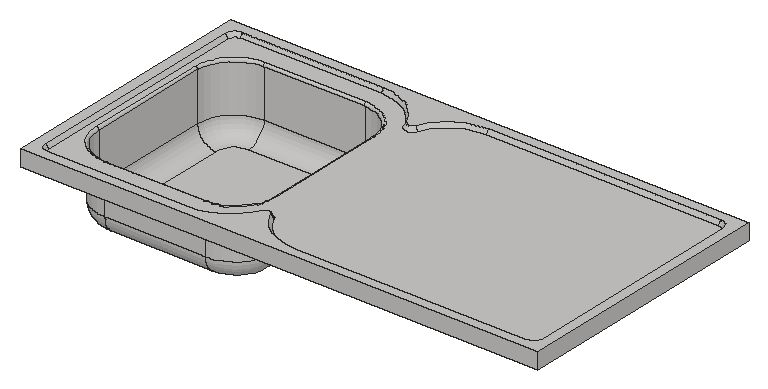
Revit family
Parameters (values of type "1050 X 535")
  Waste Connection Diameter = 40 mm
  Width Of Bowl = 400 mm
  Waste Connection Radius = Waste Connection Diameter / 2  # 20 mm
  Waste Connection = 1 = 1  # yes
  WFU = 0
  Vent Connection = 1 = 0  # no
  URL = "http://www.autospec.co.za/browse.php?id=1937217983"
  Product Code = "SSO-1050-SE"
  OmniClass Title = ""
  OmniClass Number = ""
  Modspec Classification = ""
  Specification = ""
  Material = Stainless Steel Grade 304
  Location (revit room) = ""
  Length Of Bowl = 355 mm
  HW Connection = 1 = 0  # no
  Description = ""
  Depth Of Bowl = 150 mm
  Colour = none
  CW Connection = 1 = 0  # no
  Body Finish = none
  Width = 535 mm
  Model = "Left Hand Sit-On Sink Single End Bowl SSO-1050-SE"
  Manufacturer = "Kwikot"  # constant formula
  Length = 1050 mm
  Assembly Code = "D2010410"
Reference planes
  plane 1 "Center (Front/Back)": y = 0
  plane 2 "Bottom": z = 0
  plane 3 "Center (Left/Right)": x = 0
  plane 4 "Right": x = 1050
  plane 5 "Back": y = 535
  plane 6 "Top": z = 150
  plane 7: z = 118
  plane 8: x = 45
  plane 9: x = 400
  plane 10: y = 267.5
  plane 11: y = 467.5
  plane 12: y = 67.5
  plane 13: x = 222.5
  plane 14: z = 142
Forms (mm)
  Sweep 1, solid, material "Stainless Steel Grade 304" <- "Material"
    path origin (-60.109, -1524, 150) x (-1, 0, 0) y (0, -1, 0)
      loop
        line (-60.109, -2059) -> (-60.109, -1524) -> (-1110.109, -1524) -> (-1110.109, -2059) -> (-60.109, -2059)
    profile origin (525, 535, 150) x (0, 1, 0) y (0, 0, 1)
      loop
        line (-15, 0) -> (-15, -10.5) -> (-2.5, -10.5) -> (-2.5, -29.5) -> (-10, -29.5) -> (-10, -32) -> (0, -32) -> (0, 0) -> (-15, 0)
  Extrusion 2, solid, material "Stainless Steel Grade 304" <- "Material"
    sketch origin (-60.109, -1524, 150) x (-1, 0, 0) y (0, -1, 0)
      loop
        line (-75.109, -1539) -> (-1095.109, -1539) -> (-1095.109, -2044) -> (-75.109, -2044) -> (-75.109, -1539)
    from 0 to -10.5
  Extrusion 3, void
    sketch origin (-60.109, -1524, 150) x (0, -1, 0) y (-1, 0, 0)
      loop
        line (-1991.5, -180.109) -> (-1991.5, -385.109)
        arc (-1991.5, -385.109) -> (-1969.533, -438.142) -> (-1916.5, -460.109) r 75
        line (-1916.5, -460.109) -> (-1666.5, -460.109)
        arc (-1666.5, -460.109) -> (-1613.467, -438.142) -> (-1591.5, -385.109) r 75
        line (-1591.5, -385.109) -> (-1591.5, -180.109)
        arc (-1591.5, -180.109) -> (-1613.467, -127.076) -> (-1666.5, -105.109) r 75
        line (-1666.5, -105.109) -> (-1916.5, -105.109)
        arc (-1916.5, -105.109) -> (-1969.533, -127.076) -> (-1991.5, -180.109) r 75
    from 0 to 10.5
  Sweep 4, solid, material "Stainless Steel Grade 304" <- "Material"
    path origin (-60.109, -1524, 150) x (-1, 0, 0) y (0, -1, 0)
      loop
        arc (-180.109, -1991.5) -> (-127.076, -1969.533) -> (-105.109, -1916.5) r 75
        line (-105.109, -1916.5) -> (-105.109, -1666.5)
        arc (-105.109, -1666.5) -> (-127.076, -1613.467) -> (-180.109, -1591.5) r 75
        line (-180.109, -1591.5) -> (-385.109, -1591.5)
        arc (-385.109, -1591.5) -> (-438.142, -1613.467) -> (-460.109, -1666.5) r 75
        line (-460.109, -1666.5) -> (-460.109, -1916.5)
        arc (-460.109, -1916.5) -> (-438.142, -1969.533) -> (-385.109, -1991.5) r 75
        line (-385.109, -1991.5) -> (-180.109, -1991.5)
    profile origin (222.5, 467.5, 150) x (0, 1, 0) y (0, 0, 1)
      loop
        line (0, -10.5) -> (0, -110)
        arc (0, -110) -> (-10.983, -136.517) -> (-37.5, -147.5) r 37.5
        line (-37.5, -147.5) -> (-37.5, -150)
        arc (-37.5, -150) -> (-9.216, -138.284) -> (2.5, -110) r 40
        line (2.5, -110) -> (2.5, -10.5) -> (0, -10.5)
  Extrusion 5, solid, material "Stainless Steel Grade 304" <- "Material"
    sketch origin (0, 0, 0) x (1, 0, 0) y (0, 1, 0)
      loop
        arc (82.5, 142.5) -> (93.483, 115.983) -> (120, 105) r 37.5
        line (120, 105) -> (325, 105)
        arc (325, 105) -> (351.517, 115.983) -> (362.5, 142.5) r 37.5
        line (362.5, 142.5) -> (362.5, 392.5)
        arc (362.5, 392.5) -> (351.517, 419.017) -> (325, 430) r 37.5
        line (325, 430) -> (120, 430)
        arc (120, 430) -> (93.483, 419.017) -> (82.5, 392.5) r 37.5
        line (82.5, 392.5) -> (82.5, 142.5)
      loop
        circle (325, 267.5) r 20
    from 0 to 2.5
  Blend 6, void
    base sketch origin (0, 0, 150) x (-1, 0, 0) y (0, -1, 0)
      loop
        line (-20, -495) -> (-20, -40)
        arc (-20, -40) -> (-25.858, -25.858) -> (-40, -20) r 20
        line (-40, -20) -> (-325, -20)
        arc (-325, -20) -> (-383.699, -37.44) -> (-423.351, -84.103) r 107.5
        arc (-423.351, -84.103) -> (-432.5, -90.066) -> (-441.649, -84.103) r 10
        arc (-441.649, -84.103) -> (-481.301, -37.44) -> (-540, -20) r 107.5
        line (-540, -20) -> (-1010, -20)
        arc (-1010, -20) -> (-1024.142, -25.858) -> (-1030, -40) r 20
        line (-1030, -40) -> (-1030, -495)
        arc (-1030, -495) -> (-1024.142, -509.142) -> (-1010, -515) r 20
        line (-1010, -515) -> (-540, -515)
        arc (-540, -515) -> (-481.301, -497.56) -> (-441.649, -450.897) r 107.5
        arc (-441.649, -450.897) -> (-432.5, -444.934) -> (-423.351, -450.897) r 10
        arc (-423.351, -450.897) -> (-383.699, -497.56) -> (-325, -515) r 107.5
        line (-325, -515) -> (-40, -515)
        arc (-40, -515) -> (-25.858, -509.142) -> (-20, -495) r 20
    top sketch origin (0, 0, 150) x (-1, 0, 0) y (0, -1, 0)
      loop
        line (-25, -495) -> (-25, -40)
        arc (-25, -40) -> (-29.393, -29.393) -> (-40, -25) r 15
        line (-40, -25) -> (-325, -25)
        arc (-325, -25) -> (-380.968, -41.629) -> (-418.777, -86.121) r 102.5
        arc (-418.777, -86.121) -> (-432.5, -95.066) -> (-446.223, -86.121) r 15
        arc (-446.223, -86.121) -> (-484.032, -41.629) -> (-540, -25) r 102.5
        line (-540, -25) -> (-1010, -25)
        arc (-1010, -25) -> (-1020.607, -29.393) -> (-1025, -40) r 15
        line (-1025, -40) -> (-1025, -495)
        arc (-1025, -495) -> (-1020.607, -505.607) -> (-1010, -510) r 15
        line (-1010, -510) -> (-540, -510)
        arc (-540, -510) -> (-484.032, -493.371) -> (-446.223, -448.879) r 102.5
        arc (-446.223, -448.879) -> (-432.5, -439.934) -> (-418.777, -448.879) r 15
        arc (-418.777, -448.879) -> (-380.968, -493.371) -> (-325, -510) r 102.5
        line (-325, -510) -> (-40, -510)
        arc (-40, -510) -> (-29.393, -505.607) -> (-25, -495) r 15
    from 0 to -8
  Extrusion 7, solid, material "Stainless Steel Grade 304" <- "Material"
    sketch origin (0, 0, 0) x (1, 0, 0) y (0, 1, 0)
      loop
        circle (325, 267.5) r 20
    from 0 to -5
  Sweep 8, void
    path origin (-60.109, -1524, 150) x (-1, 0, 0) y (0, -1, 0)
      loop
        line (-385.109, -1991.5) -> (-180.109, -1991.5)
        arc (-180.109, -1991.5) -> (-127.076, -1969.533) -> (-105.109, -1916.5) r 75
        line (-105.109, -1916.5) -> (-105.109, -1666.5)
        arc (-105.109, -1666.5) -> (-127.076, -1613.467) -> (-180.109, -1591.5) r 75
        line (-180.109, -1591.5) -> (-385.109, -1591.5)
        arc (-385.109, -1591.5) -> (-438.142, -1613.467) -> (-460.109, -1666.5) r 75
        line (-460.109, -1666.5) -> (-460.109, -1916.5)
        arc (-460.109, -1916.5) -> (-438.142, -1969.533) -> (-385.109, -1991.5) r 75
    profile origin (222.5, 467.5, 150) x (0, -1, 0) y (0, 0, 1)
      loop
        line (0, -8) -> (-5, -8)
        arc (-5, -8) -> (-1.464, -9.464) -> (0, -13) r 5
        line (0, -13) -> (0, -8)
Cuts and joins
  Extrusion 3, Blend 6, Sweep 8 cuts Sweep 1
  Extrusion 3, Blend 6, Sweep 8 cuts Extrusion 2
  Blend 6, Sweep 8 cuts Sweep 4
  Blend 6, Sweep 8 cuts Extrusion 5
  Sweep 8 cuts Extrusion 7
  joined: Sweep 1, Extrusion 2, Sweep 4, Extrusion 5, Extrusion 7
Lines and regions (mm)
  symbolic lines
    curve 1: line (0, 535, 150) -> (0, 0, 150)
    curve 2: line (0, 0, 150) -> (1050, 0, 150)
    curve 3: line (1050, 0, 150) -> (1050, 535, 150)
    curve 4: line (1050, 535, 150) -> (0, 535, 150)
    curve 5: line (20, 40, 150) -> (20, 495, 150)
    curve 6: line (25, 495, 150) -> (25, 40, 150)
    curve 7: arc (20, 495, 150) -> (25.858, 509.142, 150) -> (40, 515, 150) r 20
    curve 8: arc (40, 510, 150) -> (29.393, 505.607, 150) -> (25, 495, 150) r 15
    curve 9: line (40, 515, 150) -> (325, 515, 150)
    curve 10: line (325, 510, 150) -> (40, 510, 150)
    curve 11: arc (325, 515, 150) -> (383.699, 497.56, 150) -> (423.351, 450.897, 150) r 107.5
    curve 12: arc (418.777, 448.879, 150) -> (380.968, 493.371, 150) -> (325, 510, 150) r 102.5
    curve 13: arc (423.351, 450.897, 150) -> (432.5, 444.934, 150) -> (441.649, 450.897, 150) r 10
    curve 14: arc (446.223, 448.879, 150) -> (432.5, 439.934, 150) -> (418.777, 448.879, 150) r 15
    curve 15: arc (441.649, 450.897, 150) -> (481.301, 497.56, 150) -> (540, 515, 150) r 107.5
    curve 16: arc (540, 510, 150) -> (484.032, 493.371, 150) -> (446.223, 448.879, 150) r 102.5
    curve 17: line (540, 515, 150) -> (1010, 515, 150)
    curve 18: line (1010, 510, 150) -> (540, 510, 150)
    curve 19: arc (1010, 515, 150) -> (1024.142, 509.142, 150) -> (1030, 495, 150) r 20
    curve 20: arc (1025, 495, 150) -> (1020.607, 505.607, 150) -> (1010, 510, 150) r 15
    curve 21: line (1025, 40, 150) -> (1025, 495, 150)
    curve 22: line (1030, 495, 150) -> (1030, 40, 150)
    curve 23: arc (1030, 40, 150) -> (1024.142, 25.858, 150) -> (1010, 20, 150) r 20
    curve 24: arc (1010, 25, 150) -> (1020.607, 29.393, 150) -> (1025, 40, 150) r 15
    curve 25: line (1010, 20, 150) -> (540, 20, 150)
    curve 26: line (540, 25, 150) -> (1010, 25, 150)
    curve 27: arc (540, 20, 150) -> (481.301, 37.44, 150) -> (441.649, 84.103, 150) r 107.5
    curve 28: arc (446.223, 86.121, 150) -> (484.032, 41.629, 150) -> (540, 25, 150) r 102.5
    curve 29: arc (418.777, 86.121, 150) -> (432.5, 95.066, 150) -> (446.223, 86.121, 150) r 15
    curve 30: arc (441.649, 84.103, 150) -> (432.5, 90.066, 150) -> (423.351, 84.103, 150) r 10
    curve 31: arc (423.351, 84.103, 150) -> (383.699, 37.44, 150) -> (325, 20, 150) r 107.5
    curve 32: arc (325, 25, 150) -> (380.968, 41.629, 150) -> (418.777, 86.121, 150) r 102.5
    curve 33: line (325, 20, 150) -> (40, 20, 150)
    curve 34: line (40, 25, 150) -> (325, 25, 150)
    curve 35: arc (40, 20, 150) -> (25.858, 25.858, 150) -> (20, 40, 150) r 20
    curve 36: arc (25, 40, 150) -> (29.393, 29.393, 150) -> (40, 25, 150) r 15
    curve 37: line (45, 392.5, 150) -> (45, 142.5, 150)
    curve 38: arc (120, 467.5, 150) -> (66.967, 445.533, 150) -> (45, 392.5, 150) r 75
    curve 39: line (325, 467.5, 150) -> (120, 467.5, 150)
    curve 40: arc (400, 392.5, 150) -> (378.033, 445.533, 150) -> (325, 467.5, 150) r 75
    curve 41: line (400, 142.5, 150) -> (400, 392.5, 150)
    curve 42: arc (325, 67.5, 150) -> (378.033, 89.467, 150) -> (400, 142.5, 150) r 75
    curve 43: line (120, 67.5, 150) -> (325, 67.5, 150)
    curve 44: arc (45, 142.5, 150) -> (66.967, 89.467, 150) -> (120, 67.5, 150) r 75
    curve 52: arc (345, 267.5, 150) -> (325, 247.5, 150) -> (305, 267.5, 150) r 20
    curve 53: arc (305, 267.5, 150) -> (325, 287.5, 150) -> (345, 267.5, 150) r 20
  model lines
    curve 45: line (1005.771, 475, 142) -> (1005.771, 60, 142)
    curve 46: arc (540, 475, 142) -> (481.664, 450.836, 142) -> (457.5, 392.5, 142) r 82.5
    curve 47: arc (457.5, 142.5, 142) -> (481.664, 84.164, 142) -> (540, 60, 142) r 82.5
    curve 48: line (457.5, 392.5, 142) -> (457.5, 142.5, 142)
    curve 49: line (540, 475, 142) -> (1005.771, 475, 142)
    curve 50: line (540, 60, 142) -> (1005.771, 60, 142)
    curve 51: line (1005.771, 455, 142) -> (486.148, 455, 142)
    curve 54: line (1005.771, 430, 142) -> (466.515, 430, 142)
    curve 55: line (1005.771, 405, 142) -> (458.452, 405, 142)
    curve 56: line (1005.771, 380, 142) -> (457.5, 380, 142)
    curve 57: line (1005.771, 355, 142) -> (457.5, 355, 142)
    curve 58: line (1005.771, 330, 142) -> (457.5, 330, 142)
    curve 59: line (1005.771, 305, 142) -> (457.5, 305, 142)
    curve 60: line (1005.771, 280, 142) -> (457.5, 280, 142)
    curve 61: line (1005.771, 255, 142) -> (457.5, 255, 142)
    curve 62: line (1005.771, 230, 142) -> (457.5, 230, 142)
    curve 63: line (1005.771, 205, 142) -> (457.5, 205, 142)
    curve 64: line (1005.771, 180, 142) -> (457.5, 180, 142)
    curve 65: line (1005.771, 155, 142) -> (457.5, 155, 142)
    curve 66: line (1005.771, 130, 142) -> (457.5, 130, 142)
    curve 67: line (1005.771, 105, 142) -> (466.515, 105, 142)
    curve 68: line (1005.771, 80, 142) -> (486.148, 80, 142)
Dimensions and locks
  "Length": plane 3 "Center (Left/Right)" to plane 4 "Right"
  "Width": plane 5 "Back" to plane 1 "Center (Front/Back)"
  "Depth Of Bowl": plane 6 "Top" to plane 2 "Bottom"
  equal spacing: plane 1 "Center (Front/Back)", plane 10, plane 5 "Back"
  "Length Of Bowl": plane 8 to plane 9
  "Width Of Bowl": plane 11 to plane 12
  equal spacing: plane 11, plane 10, plane 12
  equal spacing: plane 8, plane 13, plane 9
  plane 6 "Top" to plane 7 = 32 mm
  Sweep 1 sketch curve to plane 5 "Back" = 10 mm
  Sweep 1 sketch curve to plane 5 "Back" = 15 mm
  plane 6 "Top" to Sweep 1 sketch curve = 10.5 mm
  Sweep 1 sketch curve to plane 5 "Back" = 2.5 mm
  plane 7 to Sweep 1 sketch curve = 2.5 mm
  Extrusion 5 sketch curve to plane 9 = 75 mm
  plane 3 "Center (Left/Right)" to Blend 6 sketch curve = 20 mm
  Blend 6 sketch curve to plane 4 "Right" = 20 mm
  plane 5 "Back" to Blend 6 sketch curve = 20 mm
  plane 1 "Center (Front/Back)" to Blend 6 sketch curve = 20 mm
  var sketch to Blend 6 sketch curve = 5 mm  (x3)
  Blend 6 sketch curve to var sketch = 5 mm
  plane 6 "Top" to plane 14 = 8 mm
  plane 3 "Center (Left/Right)" to plane 8 = 45 mm
  radius of Extrusion 3 sketch curve = 75 mm  (x4)
  radius of Sweep 4 sketch curve = 37.5 mm
  radius of Sweep 4 sketch curve = 40 mm
  "Waste Connection Radius": radius of Extrusion 5 sketch curve
  radius of Blend 6 sketch curve = 20 mm  (x4)
  radius of Blend 6 sketch curve = 15 mm  (x6)
  radius of Blend 6 sketch curve = 107.5 mm  (x4)
  radius of Blend 6 sketch curve = 10 mm  (x2)
  radius of Blend 6 sketch curve = 102.5 mm  (x4)
  aligned and locked: level to plane 2 "Bottom"
  aligned and locked: Sweep 1 sketch curve to plane 5 "Back"
  aligned and locked: plane 3 "Center (Left/Right)" to Sweep 1 sketch curve
  aligned and locked: Sweep 1 sketch curve to plane 1 "Center (Front/Back)"
  aligned and locked: plane 4 "Right" to Sweep 1 sketch curve
  aligned and locked: Sweep 1 sketch curve to profile plane
  aligned and locked: plane 7 to Sweep 1 sketch curve
  aligned and locked: profile plane to Sweep 1 sketch curve
  aligned and locked: Extrusion 2 sketch curve to Sweep 1  (x4)
  aligned and locked: Sweep 1 to Extrusion 2
  aligned and locked: plane 6 "Top" to Extrusion 2
  aligned and locked: plane 11 to Extrusion 3 sketch curve
  aligned and locked: Extrusion 3 sketch curve to plane 8
  aligned and locked: Extrusion 3 sketch curve to plane 12
  aligned and locked: plane 9 to Extrusion 3 sketch curve
  aligned and locked: Sweep 1 to Extrusion 3
  aligned and locked: plane 6 "Top" to Extrusion 3
  aligned and locked: Sweep 4 sketch curve to cut or joined group of Sweep 1, Extrusion 2, Extrusion 3, Sweep 4, Extrusion 5, Blend 6, Extrusion 7, Sweep 8  (x5)
  aligned and locked: cut or joined group of Sweep 1, Extrusion 2, Extrusion 3, Sweep 4, Extrusion 5, Blend 6, Extrusion 7, Sweep 8 to Sweep 4 sketch curve
  aligned and locked: plane 2 "Bottom" to Sweep 4 sketch curve
  aligned and locked: Extrusion 5 sketch curve to cut or joined group of Sweep 1, Extrusion 2, Extrusion 3, Sweep 4, Extrusion 5, Blend 6, Extrusion 7, Sweep 8  (x4)
  aligned and locked: plane 10 to Extrusion 5 sketch curve
  aligned and locked: Blend 6 sketch curve to Blend 6 sketch curve  (x4)
  aligned and locked: curve 1 to cut or joined group of Sweep 1, Extrusion 2, Extrusion 3, Sweep 4, Extrusion 5, Blend 6, Extrusion 7, Sweep 8
  aligned and locked: curve 2 to cut or joined group of Sweep 1, Extrusion 2, Extrusion 3, Sweep 4, Extrusion 5, Blend 6, Extrusion 7, Sweep 8
  aligned and locked: curve 3 to cut or joined group of Sweep 1, Extrusion 2, Extrusion 3, Sweep 4, Extrusion 5, Blend 6, Extrusion 7, Sweep 8
  aligned and locked: curve 4 to cut or joined group of Sweep 1, Extrusion 2, Extrusion 3, Sweep 4, Extrusion 5, Blend 6, Extrusion 7, Sweep 8
  aligned and locked: curve 7 to cut or joined group of Sweep 1, Extrusion 2, Extrusion 3, Sweep 4, Extrusion 5, Blend 6, Extrusion 7, Sweep 8
  aligned and locked: curve 8 to cut or joined group of Sweep 1, Extrusion 2, Extrusion 3, Sweep 4, Extrusion 5, Blend 6, Extrusion 7, Sweep 8
  aligned and locked: curve 11 to cut or joined group of Sweep 1, Extrusion 2, Extrusion 3, Sweep 4, Extrusion 5, Blend 6, Extrusion 7, Sweep 8
  aligned and locked: curve 12 to cut or joined group of Sweep 1, Extrusion 2, Extrusion 3, Sweep 4, Extrusion 5, Blend 6, Extrusion 7, Sweep 8
  aligned and locked: curve 13 to cut or joined group of Sweep 1, Extrusion 2, Extrusion 3, Sweep 4, Extrusion 5, Blend 6, Extrusion 7, Sweep 8
  aligned and locked: curve 14 to cut or joined group of Sweep 1, Extrusion 2, Extrusion 3, Sweep 4, Extrusion 5, Blend 6, Extrusion 7, Sweep 8
  aligned and locked: curve 15 to cut or joined group of Sweep 1, Extrusion 2, Extrusion 3, Sweep 4, Extrusion 5, Blend 6, Extrusion 7, Sweep 8
  aligned and locked: curve 16 to cut or joined group of Sweep 1, Extrusion 2, Extrusion 3, Sweep 4, Extrusion 5, Blend 6, Extrusion 7, Sweep 8
  aligned and locked: curve 19 to cut or joined group of Sweep 1, Extrusion 2, Extrusion 3, Sweep 4, Extrusion 5, Blend 6, Extrusion 7, Sweep 8
  aligned and locked: curve 20 to cut or joined group of Sweep 1, Extrusion 2, Extrusion 3, Sweep 4, Extrusion 5, Blend 6, Extrusion 7, Sweep 8
  aligned and locked: curve 23 to cut or joined group of Sweep 1, Extrusion 2, Extrusion 3, Sweep 4, Extrusion 5, Blend 6, Extrusion 7, Sweep 8
  aligned and locked: curve 24 to cut or joined group of Sweep 1, Extrusion 2, Extrusion 3, Sweep 4, Extrusion 5, Blend 6, Extrusion 7, Sweep 8
  aligned and locked: curve 27 to cut or joined group of Sweep 1, Extrusion 2, Extrusion 3, Sweep 4, Extrusion 5, Blend 6, Extrusion 7, Sweep 8
  aligned and locked: curve 28 to cut or joined group of Sweep 1, Extrusion 2, Extrusion 3, Sweep 4, Extrusion 5, Blend 6, Extrusion 7, Sweep 8
  aligned and locked: curve 29 to cut or joined group of Sweep 1, Extrusion 2, Extrusion 3, Sweep 4, Extrusion 5, Blend 6, Extrusion 7, Sweep 8
  aligned and locked: curve 30 to cut or joined group of Sweep 1, Extrusion 2, Extrusion 3, Sweep 4, Extrusion 5, Blend 6, Extrusion 7, Sweep 8
  aligned and locked: curve 31 to cut or joined group of Sweep 1, Extrusion 2, Extrusion 3, Sweep 4, Extrusion 5, Blend 6, Extrusion 7, Sweep 8
  aligned and locked: curve 32 to cut or joined group of Sweep 1, Extrusion 2, Extrusion 3, Sweep 4, Extrusion 5, Blend 6, Extrusion 7, Sweep 8
  aligned and locked: curve 35 to cut or joined group of Sweep 1, Extrusion 2, Extrusion 3, Sweep 4, Extrusion 5, Blend 6, Extrusion 7, Sweep 8
  aligned and locked: curve 36 to cut or joined group of Sweep 1, Extrusion 2, Extrusion 3, Sweep 4, Extrusion 5, Blend 6, Extrusion 7, Sweep 8
  aligned and locked: curve 38 to cut or joined group of Sweep 1, Extrusion 2, Extrusion 3, Sweep 4, Extrusion 5, Blend 6, Extrusion 7, Sweep 8
  aligned and locked: curve 40 to cut or joined group of Sweep 1, Extrusion 2, Extrusion 3, Sweep 4, Extrusion 5, Blend 6, Extrusion 7, Sweep 8
  aligned and locked: curve 42 to cut or joined group of Sweep 1, Extrusion 2, Extrusion 3, Sweep 4, Extrusion 5, Blend 6, Extrusion 7, Sweep 8
  aligned and locked: curve 44 to cut or joined group of Sweep 1, Extrusion 2, Extrusion 3, Sweep 4, Extrusion 5, Blend 6, Extrusion 7, Sweep 8
  aligned and locked: Extrusion 7 sketch curve to cut or joined group of Sweep 1, Extrusion 2, Extrusion 3, Sweep 4, Extrusion 5, Blend 6, Extrusion 7, Sweep 8  (x2)
  aligned and locked: Sweep 8 sketch curve to cut or joined group of Sweep 1, Extrusion 2, Extrusion 3, Sweep 4, Extrusion 5, Blend 6, Extrusion 7, Sweep 8  (x4)
  aligned and locked: profile plane to Sweep 8 sketch curve
  aligned and locked: cut or joined group of Sweep 1, Extrusion 2, Extrusion 3, Sweep 4, Extrusion 5, Blend 6, Extrusion 7, Sweep 8 to Sweep 8 sketch curve
  aligned and locked: Blend 6 to Sweep 8
  aligned and locked: curve 52 to cut or joined group of Sweep 1, Extrusion 2, Extrusion 3, Sweep 4, Extrusion 5, Blend 6, Extrusion 7, Sweep 8
  aligned and locked: curve 53 to cut or joined group of Sweep 1, Extrusion 2, Extrusion 3, Sweep 4, Extrusion 5, Blend 6, Extrusion 7, Sweep 8
Automatic sketch dimensions
  Sweep 4 sketch curve to Sweep 4 sketch curve = 0 mm
  plane 9 to Blend 6 sketch curve = 41.649 mm  (x2)
  Blend 6 sketch curve to Blend 6 sketch curve = 0 mm  (x6)
  Blend 6 sketch curve to Blend 6 sketch curve = 18.298 mm
  Blend 6 sketch curve to Blend 6 sketch curve = 9.149 mm  (x2)
  Blend 6 sketch curve to Blend 6 sketch curve = 4.037 mm
  plane 9 to Blend 6 sketch curve = 46.223 mm  (x2)
  Blend 6 sketch curve to Blend 6 sketch curve = 13.723 mm  (x2)
  profile plane to Sweep 8 sketch curve = 5 mm
  Sweep 8 sketch curve to Sweep 8 sketch curve = 5 mm  (x2)
  Sweep 8 sketch curve to Sweep 8 sketch curve = 0 mm
  Sweep 8 sketch curve to profile plane = 0 mm
  plane 11 to curve 45 = 7.5 mm
  plane 4 "Right" to curve 45 = 44.229 mm
  plane 9 to curve 49 = 140 mm
  curve 47 to plane 12 = 7.5 mm
  plane 9 to curve 47 = 140 mm
  plane 12 to curve 68 = 12.5 mm
  curve 51 to plane 11 = 12.5 mm
  curve 51 to curve 54 = 19.633 mm
  curve 68 to curve 67 = 19.633 mm
  curve 55 to curve 48 = 0.952 mm
  curve 66 to curve 47 = 0 mm
  curve 46 to curve 56 = 12.5 mm
  curve 56 to curve 57 = 25 mm
  curve 57 to curve 58 = 25 mm
  curve 58 to curve 59 = 25 mm
  plane 10 to curve 60 = 12.5 mm
  curve 61 to plane 10 = 12.5 mm
  curve 61 to curve 62 = 25 mm
  curve 62 to curve 63 = 25 mm
  curve 63 to curve 64 = 25 mm
  curve 64 to curve 65 = 25 mm
  curve 65 to curve 66 = 25 mm
  curve 66 to curve 67 = 25 mm
Connectors
  piping at (325, 267.5, -5), driven by "Waste Connection Radius", driven by "WFU"
    settings: on cut or joined group of Sweep 1, Extrusion 2, Extrusion 3, Sweep 4, Extrusion 5, Blend 6, Extrusion 7, Sweep 8, index 1, connector radius 20 mm, flow factor 0, pipe flow 0.0 L/s, pressure drop 0.0 Pa, fitting loss kfactor 0, connector angle 0.00°, fixture units 0, flow configuration 3, flow direction 2, fitting loss method 4, system type 16, connector reference index -1, connector utility 0, adjustable connector no, is connector primary yes, fitting loss table "", connector description "Waste Connection"
